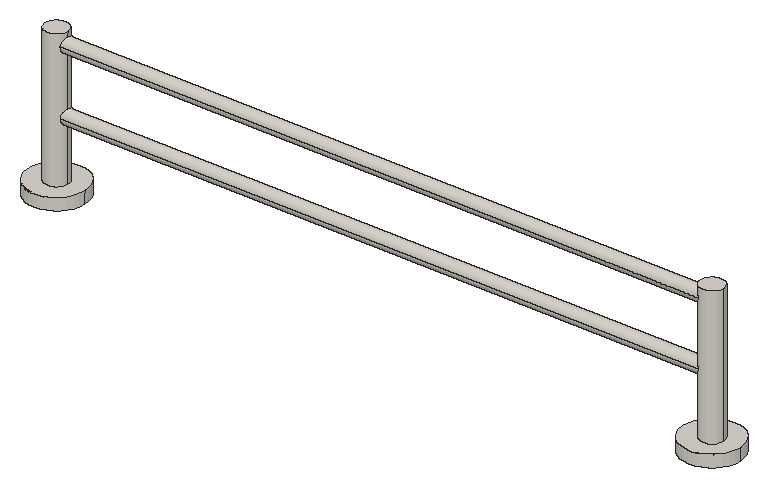
Revit family "Farina 600 Double Towel Rail", category Specialty Equipment, host Face, Revit 2026
Family settings
  Host = Face
  Round Connector Dimension = Use Diameter
  Part Type = Normal
  Enable Cutting in Views = Yes
  Cut with Voids When Loaded = No
  Maintain Annotation Orientation = No
  Shared = No
  Room Calculation Point = No
Parameters (values of type "BRUSHED NICKEL")
  Material = BM_NICKEL
  Default Elevation = 1219.2 mm
Types (6, lengths in mm): name | Material
  (no name) | BM_NICKEL
  MATTE BLACK | BM_MATTE BLACK
  BRUSHED NICKEL | BM_NICKEL
  BRUSHED GUNMETAL | BM_GUNMETAL
  BRUSHED BRASS GOLD | BM_BRASS GOLD
  BRUSHED ANTIQUE BRASS | BM_ANTIQUE BRASS
Reference planes
  plane 1 "Center (Front/Back)": y = 0
  plane 2: z = 0
  plane 3 "Center (Left/Right)": x = 0
Forms (mm)
  Revolve 1, solid, material "BM_NICKEL" <- "Material"
    sketch origin (-276, 0, 115) x (1, 0, 0) y (0, 1, 0)
      loop
        line (5.543, 0) -> (5.543, -6) -> (549.559, -6) -> (549.559, 0) -> (5.543, 0)
      axis (5.543, 0) -> (549.559, 0)
    angle from 0 to 360
  Revolve 2, solid, material "BM_NICKEL" <- "Material"
    sketch origin (-276, 0, 61) x (1, 0, 0) y (0, 1, 0)
      loop
        line (5.543, 0) -> (5.543, -6) -> (549.559, -6) -> (549.559, 0) -> (5.543, 0)
      axis (5.543, 0) -> (549.559, 0)
    angle from 0 to 360
  Extrusion 3, solid, material "BM_NICKEL" <- "Material"
    sketch origin (276.25, 0, 10) x (1, 0, 0) y (0, 1, 0)
      loop
        circle (0, 0) r 9.5
    from 0 to 115
  Extrusion 4, solid, material "BM_NICKEL" <- "Material"
    sketch origin (-276.25, 0, 10) x (1, 0, 0) y (0, 1, 0)
      loop
        circle (0, 0) r 9.5
    from 0 to 115
  Extrusion 5, solid, material "BM_NICKEL" <- "Material"
    sketch origin (276, 0, 0) x (1, 0, 0) y (0, 1, 0)
      loop
        circle (0, 0) r 24
    from 0 to 10
  Extrusion 6, solid, material "BM_NICKEL" <- "Material"
    sketch origin (-276, 0, 0) x (1, 0, 0) y (0, 1, 0)
      loop
        circle (0, 0) r 24
    from 0 to 10
Cuts and joins
  joined: Revolve 1, Revolve 2, Extrusion 3, Extrusion 4
Dimensions and locks
  aligned and locked: plane 2 to host face
  aligned and locked: level to host face
